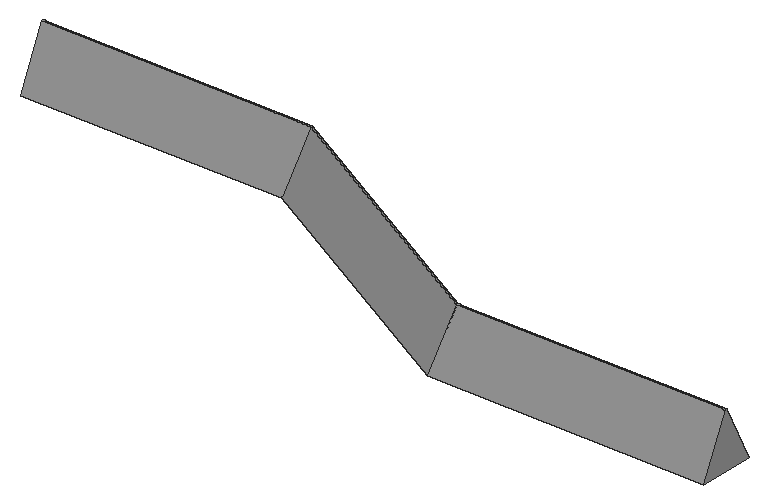
Revit family "Zig-Zag_StQ3+_55mm_p_i_t_1132120", category Generic Models, Revit 2019
Family settings
  Can host rebar = No
  Round Connector Dimension = Use Diameter
  Part Type = Normal
  Work Plane-Based = Yes
  Always vertical = No
  Cut with Voids When Loaded = No
  Shared = No
  Room Calculation Point = No
Parameters (values of type "55 mm")
  concrete = Concrete
  Website Link = "https://haucon.dk/produkt/beton-zig-zag-stq3/#variations"
  Total Length = 800 mm
  Technical Data Sheet = "https://haucon.dk/wp-content/uploads/2019/07/1132100-Beton-zig-zag-STQ3_1.0-TDS-DK.pdf"
  Default Elevation = 1219.2 mm
  Armerment width = 55 mm
  Armerment Height = Armerment width  # 55 mm
Types (6, lengths in mm): name | Armerment width | Armerment Height
  35 mm | 35 | 35
  55 mm | 55 | 55
  40 mm | 40 | 40
  45 mm | 45 | 45
  50 mm | 50 | 50
  60 mm | 60 | 60
Reference planes
  plane 1 "Center (Front/Back)": y = 0
  plane 2: z = 0
  plane 3 "Center (Left/Right)": x = 0
  plane 4: y = 27.5
  plane 5: y = -27.5
  plane 6: z = 55
  plane 7: x = 266.667
  plane 8: x = 533.333
  plane 9: x = 800
Forms (mm)
  Sweep 1, solid, material "Concrete" <- "concrete"
    path origin (135, 0, 0) x (1, 0, 0) y (0, 1, 0)
      loop
        line (-135, 0) -> (132.554, 0) -> (397.446, -149.776) -> (665, -149.776)
    profile origin (133.777, 0, 0) x (0, 1, 0) y (0, 0, 1)
      loop
        line (27.5, 0) -> (0.856, 54.544)
        arc (0.856, 54.544) -> (0, 54.98) -> (-0.856, 54.544) r 1.059
        line (-0.856, 54.544) -> (-27.5, 0) -> (27.5, 0)
Dimensions and locks
  equal spacing: plane 4, plane 1 "Center (Front/Back)", plane 5
  "Armerment width": plane 4 to plane 5
  "Armerment Height": level to plane 6
  "Total Length": plane 3 "Center (Left/Right)" to plane 9
  equal spacing: plane 3 "Center (Left/Right)", plane 7, plane 8, plane 9
  aligned and locked: level to plane 2
  aligned and locked: level to Sweep 1 sketch curve
  aligned and locked: plane 3 "Center (Left/Right)" to Sweep 1
  aligned and locked: plane 9 to Sweep 1 sketch curve
Automatic sketch dimensions
  plane 1 "Center (Front/Back)" to Sweep 1 sketch curve = 0 mm
  Sweep 1 sketch curve to plane 3 "Center (Left/Right)" = 0 mm
  Sweep 1 sketch curve to plane 7 = 0.887 mm
  plane 8 to Sweep 1 sketch curve = 0.887 mm
  plane 1 "Center (Front/Back)" to Sweep 1 sketch curve = 149.776 mm
  Sweep 1 sketch curve to plane 5 = 0 mm
  Sweep 1 sketch curve to profile plane = 0 mm
  Sweep 1 sketch curve to plane 4 = 0 mm
  plane 6 to Sweep 1 sketch curve = 0.456 mm  (x2)
  profile plane to Sweep 1 sketch curve = 0.856 mm
  Sweep 1 sketch curve to Sweep 1 sketch curve = 0.623 mm
